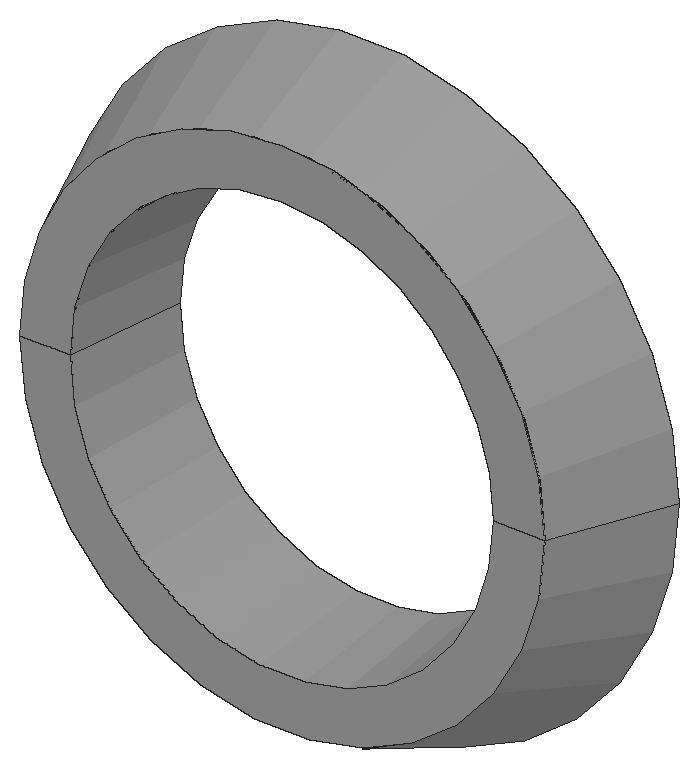
Revit family "VK457", category Sprinklers, Revit 2012
Parameters
  URL = "www.vikinggroupinc.com"
  Model = "VK457"
  Manufacturer = "Viking"
  K-Factor = 4.9
Reference planes (in)
  plane 1 "Center (Front/Back)": y = 0
  plane 2: z = 0
  plane 3 "Center (Left/Right)": x = 0
  plane 4 "Threads": y = -0.89795
Forms (in)
  Revolve 1, solid, material "Default"
    sketch origin (0, 0, 0) x (1, 0, 0) y (0, 1, 0)
      loop
        line (-0.4034, -1.05544) -> (-0.34427, -1.2018) -> (-0.27803, -1.2018) -> (-0.25894, -1.04632) -> (-0.4034, -1.05544)
      axis (0, -1.04632) -> (0, -1.2018)
    angle from 0 to 360
Dimensions and locks (in)
  aligned and locked: plane 2 to level
Connectors (in)
  piping at (0, -0.89795, 0)
    settings: index 1, connector radius 1", flow factor 0, pipe flow 0 GPM, pressure drop 0.00 psi, fitting loss kfactor 0, connector angle 0.00°, fixture units 0, engagement length 0' - 0", flow configuration 0, flow direction 0, fitting loss method 0, system type 7, joint type 0, gender type 0, connector reference index -1, connector utility 0, adjustable connector no, is connector primary yes, fitting loss table "", connector description ""
